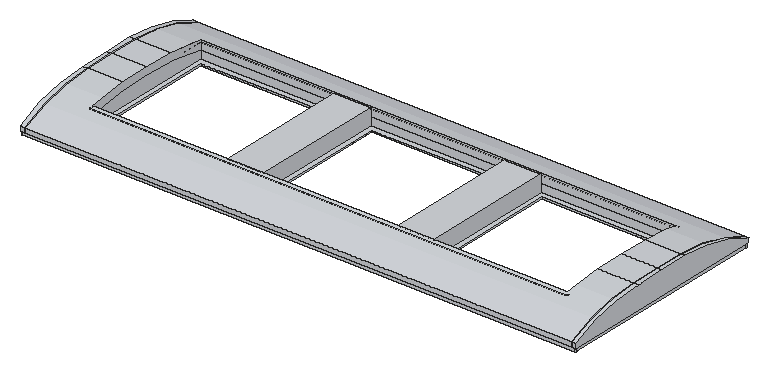
Revit family "Gira_0213766", category Electrical Fixtures, host Face, Revit 2017
Family settings
  Host = Face
  Maintain Annotation Orientation = No
  Round Connector Dimension = Use Diameter
  Part Type = Normal
  Cut with Voids When Loaded = No
  Shared = No
  Room Calculation Point = No
Parameters (values of type "Abdeckrahmen 3f Zwischenr. F Alu Gira Event Klar Braun")
  Werkstoffgüte = "Thermoplast"
  Werkstoff = "Kunststoff"
  URL = "http://katalog.gira.de/de_DE/datenblatt.html?artikelnr=0213766"
  Transparent = "No"
  Textfeld/Beschriftungsfläche = "No"
  Schutzart (IP) = "IP20"
  Region = "DE"
  Oberfläche = "sonstige"
  Name = "Abdeckrahmen 3f Zwischenr. F Alu Gira Event Klar Braun"
  Montagerichtung = "horizontal und vertikal"
  Mit Montagerahmen = "No"
  Mit Klappdeckel = "No"
  Manufacturer URL = "https://www.gira.de/"
  Keynote = "Event_Rahmen_3fach"
  HeinzeBIM = "https://bimportal.heinze.de/bim/abdeckrahmen-3f-zwischenr-f-alu-gira-event-klar-braun/42d670d1d7bac66b800c1b13c9b516c873edd9f2"
  Halogenfrei = "Yes"
  HAN = "0213766"
  Geeignet für Unterputz-Installation = "Yes"
  Geeignet für Unterflurkanaldose = "No"
  Geeignet für Geräteeinbaukanal = "No"
  Geeignet für Einbauinstallation = "No"
  GTIN = "4010337069416"
  Farbe = "braun"
  Default Elevation = 1219.2 mm
  Data sheet (1) = "https://katalog.gira.de/de_DE/download.html?artikelnr=0213766"
  Category = "Abdeckrahmen"
  Befestigungsart = "Klemmbefestigung"
  Available = "Yes"
  Ausführung der Oberfläche = "glänzend"
  Anzahl der Einheiten vertikal = "3 "
  Anzahl der Einheiten horizontal = "3 "
  Anzahl der Einheiten = "3 "
Reference planes
  plane 1 "Center (Front/Back)": y = 0
  plane 2: z = 0
  plane 3 "Center (Left/Right)": x = 0
Forms (mm)
  Extrusion 1, solid, detail levels fine
    sketch origin (0, 0, 0.05) x (0, 1, 0) y (0, 0, 1)
      loop
        arc (12.445, 9.683) -> (6.223, 9.833) -> (0, 9.85) r 291.636
        arc (0, 9.85) -> (-6.223, 9.833) -> (-12.445, 9.683) r 291.636
        arc (-12.445, 9.683) -> (-29.14, 7.482) -> (-45, 1.823) r 79.728
        line (-45, 1.823) -> (-45, -0.05) -> (-42.086, -0.05)
        arc (-42.086, -0.05) -> (-21.385, 5.559) -> (0, 7.206) r 114.424
        arc (0, 7.206) -> (21.385, 5.559) -> (42.086, -0.05) r 114.424
        line (42.086, -0.05) -> (45, -0.05) -> (45, 1.823)
        arc (45, 1.823) -> (29.14, 7.482) -> (12.445, 9.683) r 79.728
    from -114.3 to 114.3
  Extrusion 2, void, detail levels fine
    sketch origin (0, 0, 0) x (1, 0, 0) y (0, 1, 0)
      loop
        line (-99.355, -28.053) -> (99.355, -28.053) -> (99.355, 28.053) -> (-99.355, 28.053) -> (-99.355, -28.053)
    from 0.724 to 11
  Extrusion 3, solid, detail levels coarse
    sketch origin (0, 0, 0) x (1, 0, 0) y (0, 1, 0)
      loop
        line (-116.3, 45) -> (-116.3, -45) -> (116.3, -45) -> (116.3, 45) -> (-116.3, 45)
    from -1.5 to 9.9
  Extrusion 4, solid, detail levels medium
    sketch origin (0, 0, 0.05) x (0, 1, 0) y (0, 0, 1)
      loop
        arc (12.445, 9.683) -> (6.223, 9.833) -> (0, 9.85) r 291.636
        arc (0, 9.85) -> (-6.223, 9.833) -> (-12.445, 9.683) r 291.636
        arc (-12.445, 9.683) -> (-29.14, 7.482) -> (-45, 1.823) r 79.728
        line (-45, 1.823) -> (-45, -0.05) -> (45, -0.05) -> (45, 1.823)
        arc (45, 1.823) -> (29.14, 7.482) -> (12.445, 9.683) r 79.728
    from -116.3 to 116.3
  Extrusion 5, solid, detail levels fine
    sketch origin (-71.3, 0, -1.5) x (0, 1, 0) y (0, 0, -1)
      loop
        line (45, -3.373) -> (45, -1.5) -> (-45, -1.5) -> (-45, -3.373)
        arc (-45, -3.373) -> (-29.14, -9.032) -> (-12.445, -11.233) r 79.728
        arc (-12.445, -11.233) -> (-6.223, -11.383) -> (0, -11.4) r 291.636
        arc (0, -11.4) -> (6.223, -11.383) -> (12.445, -11.233) r 291.636
        arc (12.445, -11.233) -> (29.14, -9.032) -> (45, -3.373) r 79.728
    from 43 to 45
  Extrusion 6, solid, detail levels fine
    sketch origin (0, 0, 0) x (1, 0, 0) y (0, 1, 0)
      loop
        line (-97.195, 25.7) -> (-97.195, -25.7) -> (-45.395, -25.7) -> (-45.395, 25.7) -> (-97.195, 25.7)
      loop
        line (25.9, -25.7) -> (25.9, 25.7) -> (-25.9, 25.7) -> (-25.9, -25.7) -> (25.9, -25.7)
      loop
        line (-100.19, 28.49) -> (-100.19, -28.495)
        spline (-100.19, -28.495) -> (-100.181, -28.625) -> (-100.156, -28.754) -> (-100.113, -28.878) -> (-100.056, -28.995) -> (-99.983, -29.104) -> (-99.897, -29.202) -> (-99.798, -29.288) -> (-99.69, -29.361) -> (-99.572, -29.419) -> (-99.448, -29.461) -> (-99.32, -29.486) -> (-99.19, -29.495)
        line (-99.19, -29.495) -> (99.195, -29.495)
        spline (99.195, -29.495) -> (99.325, -29.486) -> (99.454, -29.461) -> (99.578, -29.419) -> (99.695, -29.361) -> (99.804, -29.288) -> (99.902, -29.202) -> (99.988, -29.104) -> (100.061, -28.995) -> (100.119, -28.878) -> (100.161, -28.754) -> (100.186, -28.625) -> (100.195, -28.495)
        line (100.195, -28.495) -> (100.195, 28.49)
        spline (100.195, 28.49) -> (100.186, 28.62) -> (100.161, 28.748) -> (100.119, 28.872) -> (100.061, 28.99) -> (99.988, 29.098) -> (99.902, 29.197) -> (99.804, 29.283) -> (99.695, 29.356) -> (99.578, 29.413) -> (99.454, 29.456) -> (99.325, 29.481) -> (99.195, 29.49)
        line (99.195, 29.49) -> (-99.19, 29.49)
        spline (-99.19, 29.49) -> (-99.32, 29.481) -> (-99.448, 29.456) -> (-99.572, 29.413) -> (-99.69, 29.356) -> (-99.798, 29.283) -> (-99.897, 29.197) -> (-99.983, 29.098) -> (-100.056, 28.99) -> (-100.113, 28.872) -> (-100.156, 28.748) -> (-100.181, 28.62) -> (-100.19, 28.49)
      loop
        line (97.2, -25.7) -> (97.2, 25.7) -> (45.4, 25.7) -> (45.4, -25.7) -> (97.2, -25.7)
    from 0.1 to 7.3
  Extrusion 7, solid
    sketch origin (0, 0, 0) x (1, 0, 0) y (0, 1, 0)
      loop
        arc (-116, -44.2) -> (-115.854, -44.554) -> (-115.5, -44.7) r 0.5
        line (-115.5, -44.7) -> (115.5, -44.7)
        arc (115.5, -44.7) -> (115.854, -44.554) -> (116, -44.2) r 0.5
        line (116, -44.2) -> (116, 44.2)
        arc (116, 44.2) -> (115.854, 44.554) -> (115.5, 44.7) r 0.5
        line (115.5, 44.7) -> (-115.5, 44.7)
        arc (-115.5, 44.7) -> (-115.854, 44.554) -> (-116, 44.2) r 0.5
        line (-116, 44.2) -> (-116, -44.2)
      loop
        line (-114.3, 43) -> (-114.3, -43) -> (114.3, -43) -> (114.3, 43) -> (-114.3, 43)
    from -1.5 to 0.5
  Extrusion 8, solid, detail levels fine
    sketch origin (71.3, 0, -1.5) x (0, 1, 0) y (0, 0, 1)
      loop
        arc (45, 3.373) -> (29.14, 9.032) -> (12.445, 11.233) r 79.728
        arc (12.445, 11.233) -> (6.223, 11.383) -> (0, 11.4) r 291.636
        arc (0, 11.4) -> (-6.223, 11.383) -> (-12.445, 11.233) r 291.636
        arc (-12.445, 11.233) -> (-29.14, 9.032) -> (-45, 3.373) r 79.728
        line (-45, 3.373) -> (-45, 1.5) -> (45, 1.5) -> (45, 3.373)
    from 43 to 45
  Extrusion 9, solid, detail levels medium
    sketch origin (0, 0, 0) x (1, 0, 0) y (0, 1, 0)
      loop
        line (-116, -44.7) -> (116, -44.7) -> (116, 44.7) -> (-116, 44.7) -> (-116, -44.7)
    from -1.5 to 0.5
  Extrusion 10, solid, detail levels fine
    sketch origin (-34.207, 0, 0) x (1, 0, 0) y (0, 1, 0)
      loop
        line (-8.943, 28.063) -> (-8.943, -27.937) -> (6.057, -27.937) -> (6.057, 28.063) -> (-8.943, 28.063)
    from 0.724 to 7.566
  Extrusion 11, solid, detail levels fine
    sketch origin (34.207, 0, 0) x (-1, 0, 0) y (0, -1, 0)
      loop
        line (-8.943, -28.063) -> (6.057, -28.063) -> (6.057, 27.937) -> (-8.943, 27.937) -> (-8.943, -28.063)
    from 0.724 to 7.566
Cuts and joins
  Extrusion 2 cuts Extrusion 1
  Extrusion 2 cuts Extrusion 6
Dimensions and locks
  aligned and locked: plane 2 to host face
  aligned and locked: level to host face
